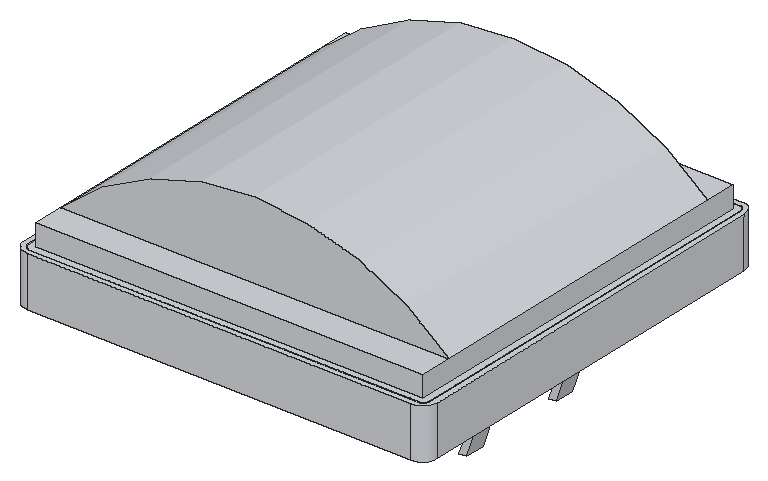
Revit family "Gira_537301", category Electrical Fixtures, host Face, Revit 2017
Family settings
  Host = Face
  Maintain Annotation Orientation = Yes
  Round Connector Dimension = Use Diameter
  Part Type = Normal
  Cut with Voids When Loaded = No
  Shared = No
  Room Calculation Point = No
Parameters (values of type "S3000 Beweg.m.aufs. 1,10 m Standard System 55 Cremeweiß")
  Werkstoffgüte = "sonstige"
  Werkstoff = "sonstige"
  URL = "http://katalog.gira.de/de_DE/datenblatt.html?artikelnr=537301"
  Region = "DE"
  RAL-Nummer (ähnlich) = "1013 "
  Name = "S3000 Beweg.m.aufs. 1,10 m Standard System 55 Cremeweiß"
  Montagehöhe = "1,1 m"
  Montageart = "unter Putz"
  Manufacturer URL = "https://www.gira.de/"
  Keynote = "Bewegungsmelder_1,10m"
  HeinzeBIM = "https://bimportal.heinze.de/bim/s3000-beweg-m-aufs-1-10-m-standard-system-55-cremeweiss/26d4d5a02e4f5e82d5c4e72b870cf16bca6f07e0"
  Halogenfrei = "Yes"
  HAN = "537301"
  Geeignet für Schutzart (IP) = "IP22"
  GTIN = "4010337049692"
  Farbe = "cremeweiß (elektroweiß)"
  Default Elevation = 1219.2 mm
  Data sheet (1) = "https://katalog.gira.de/de_DE/download.html?artikelnr=537301"
  Category = "Bewegungsmelder-Sensor"
  Available = "Yes"
  Ausführung = "Bewegungsmelder"
Reference planes
  plane 1 "Center (Front/Back)": y = 0
  plane 2: z = 0
  plane 3 "Center (Left/Right)": x = 0
Forms (mm)
  Extrusion 1, solid, detail levels fine
    sketch origin (0, 0, 0) x (1, 0, 0) y (0, 0, 1)
      loop
        line (-33.025, 12.126) -> (33.025, 12.126)
        arc (33.025, 12.126) -> (0, 25.3) -> (-33.025, 12.126) r 47.982
    from -27.6 to 27.6
  Extrusion 2, solid, detail levels fine
    sketch origin (0, 0, 0) x (1, 0, 0) y (0, 1, 0)
      loop
        line (33.025, 33.025) -> (-33.025, 33.025) -> (-33.025, -33.025) -> (33.025, -33.025) -> (33.025, 33.025)
    from 8.55 to 12.126
  Extrusion 3, solid, detail levels fine
    sketch origin (0, 0, 0) x (1, 0, 0) y (0, 1, 0)
      loop
        spline (-32.7, 35.2) -> (-33.027, 35.179) -> (-33.347, 35.115) -> (-33.657, 35.01) -> (-33.95, 34.865) -> (-34.222, 34.683) -> (-34.468, 34.468) -> (-34.683, 34.222) -> (-34.865, 33.95) -> (-35.01, 33.657) -> (-35.115, 33.347) -> (-35.179, 33.027) -> (-35.2, 32.7)
        line (-35.2, 32.7) -> (-35.2, -32.7)
        spline (-35.2, -32.7) -> (-35.179, -33.027) -> (-35.115, -33.347) -> (-35.01, -33.657) -> (-34.865, -33.95) -> (-34.683, -34.222) -> (-34.468, -34.468) -> (-34.222, -34.683) -> (-33.95, -34.865) -> (-33.657, -35.01) -> (-33.347, -35.115) -> (-33.027, -35.179) -> (-32.7, -35.2)
        line (-32.7, -35.2) -> (32.7, -35.2)
        spline (32.7, -35.2) -> (33.027, -35.179) -> (33.347, -35.115) -> (33.657, -35.01) -> (33.95, -34.865) -> (34.222, -34.683) -> (34.468, -34.468) -> (34.683, -34.222) -> (34.865, -33.95) -> (35.01, -33.657) -> (35.115, -33.347) -> (35.179, -33.027) -> (35.2, -32.7)
        line (35.2, -32.7) -> (35.2, 32.7)
        spline (35.2, 32.7) -> (35.179, 33.027) -> (35.115, 33.347) -> (35.01, 33.657) -> (34.865, 33.95) -> (34.683, 34.222) -> (34.468, 34.468) -> (34.222, 34.683) -> (33.95, 34.865) -> (33.657, 35.01) -> (33.347, 35.115) -> (33.027, 35.179) -> (32.7, 35.2)
        line (32.7, 35.2) -> (-32.7, 35.2)
      loop
        line (-34.2, 33.2) -> (-34.2, -33.2)
        spline (-34.2, -33.2) -> (-34.191, -33.331) -> (-34.166, -33.459) -> (-34.124, -33.583) -> (-34.066, -33.7) -> (-33.993, -33.809) -> (-33.907, -33.907) -> (-33.809, -33.993) -> (-33.7, -34.066) -> (-33.583, -34.124) -> (-33.459, -34.166) -> (-33.331, -34.191) -> (-33.2, -34.2)
        line (-33.2, -34.2) -> (33.2, -34.2)
        spline (33.2, -34.2) -> (33.331, -34.191) -> (33.459, -34.166) -> (33.583, -34.124) -> (33.7, -34.066) -> (33.809, -33.993) -> (33.907, -33.907) -> (33.993, -33.809) -> (34.066, -33.7) -> (34.124, -33.583) -> (34.166, -33.459) -> (34.191, -33.331) -> (34.2, -33.2)
        line (34.2, -33.2) -> (34.2, 33.2)
        spline (34.2, 33.2) -> (34.191, 33.331) -> (34.166, 33.459) -> (34.124, 33.583) -> (34.066, 33.7) -> (33.993, 33.809) -> (33.907, 33.907) -> (33.809, 33.993) -> (33.7, 34.066) -> (33.583, 34.124) -> (33.459, 34.166) -> (33.331, 34.191) -> (33.2, 34.2)
        line (33.2, 34.2) -> (-33.2, 34.2)
        spline (-33.2, 34.2) -> (-33.331, 34.191) -> (-33.459, 34.166) -> (-33.583, 34.124) -> (-33.7, 34.066) -> (-33.809, 33.993) -> (-33.907, 33.907) -> (-33.993, 33.809) -> (-34.066, 33.7) -> (-34.124, 33.583) -> (-34.166, 33.459) -> (-34.191, 33.331) -> (-34.2, 33.2)
    from 0 to 8.55
  Extrusion 4, solid, detail levels fine
    sketch origin (0, 0, 0) x (1, 0, 0) y (0, 1, 0)
      loop
        line (-34.2, 33.2) -> (-34.2, -33.2)
        spline (-34.2, -33.2) -> (-34.191, -33.331) -> (-34.166, -33.459) -> (-34.124, -33.583) -> (-34.066, -33.7) -> (-33.993, -33.809) -> (-33.907, -33.907) -> (-33.809, -33.993) -> (-33.7, -34.066) -> (-33.583, -34.124) -> (-33.459, -34.166) -> (-33.331, -34.191) -> (-33.2, -34.2)
        line (-33.2, -34.2) -> (33.2, -34.2)
        spline (33.2, -34.2) -> (33.331, -34.191) -> (33.459, -34.166) -> (33.583, -34.124) -> (33.7, -34.066) -> (33.809, -33.993) -> (33.907, -33.907) -> (33.993, -33.809) -> (34.066, -33.7) -> (34.124, -33.583) -> (34.166, -33.459) -> (34.191, -33.331) -> (34.2, -33.2)
        line (34.2, -33.2) -> (34.2, 33.2)
        spline (34.2, 33.2) -> (34.191, 33.331) -> (34.166, 33.459) -> (34.124, 33.583) -> (34.066, 33.7) -> (33.993, 33.809) -> (33.907, 33.907) -> (33.809, 33.993) -> (33.7, 34.066) -> (33.583, 34.124) -> (33.459, 34.166) -> (33.331, 34.191) -> (33.2, 34.2)
        line (33.2, 34.2) -> (-33.2, 34.2)
        spline (-33.2, 34.2) -> (-33.331, 34.191) -> (-33.459, 34.166) -> (-33.583, 34.124) -> (-33.7, 34.066) -> (-33.809, 33.993) -> (-33.907, 33.907) -> (-33.993, 33.809) -> (-34.066, 33.7) -> (-34.124, 33.583) -> (-34.166, 33.459) -> (-34.191, 33.331) -> (-34.2, 33.2)
    from 6.175 to 8.55
  Extrusion 5, solid, detail levels fine
    sketch origin (0, 0, 0) x (1, 0, 0) y (0, 1, 0)
      loop
        spline (-27.7, -27.1) -> (-27.696, -27.165) -> (-27.683, -27.229) -> (-27.662, -27.291) -> (-27.633, -27.35) -> (-27.597, -27.404) -> (-27.554, -27.454) -> (-27.504, -27.497) -> (-27.45, -27.533) -> (-27.391, -27.562) -> (-27.329, -27.583) -> (-27.265, -27.596) -> (-27.2, -27.6)
        line (-27.2, -27.6) -> (27.2, -27.6)
        spline (27.2, -27.6) -> (27.265, -27.596) -> (27.329, -27.583) -> (27.391, -27.562) -> (27.45, -27.533) -> (27.504, -27.497) -> (27.554, -27.454) -> (27.597, -27.404) -> (27.633, -27.35) -> (27.662, -27.291) -> (27.683, -27.229) -> (27.696, -27.165) -> (27.7, -27.1)
        line (27.7, -27.1) -> (27.7, 27.1)
        spline (27.7, 27.1) -> (27.696, 27.165) -> (27.683, 27.229) -> (27.662, 27.291) -> (27.633, 27.35) -> (27.597, 27.404) -> (27.554, 27.454) -> (27.504, 27.497) -> (27.45, 27.533) -> (27.391, 27.562) -> (27.329, 27.583) -> (27.265, 27.596) -> (27.2, 27.6)
        line (27.2, 27.6) -> (-27.2, 27.6)
        spline (-27.2, 27.6) -> (-27.265, 27.596) -> (-27.329, 27.583) -> (-27.391, 27.562) -> (-27.45, 27.533) -> (-27.504, 27.497) -> (-27.554, 27.454) -> (-27.597, 27.404) -> (-27.633, 27.35) -> (-27.662, 27.291) -> (-27.683, 27.229) -> (-27.696, 27.165) -> (-27.7, 27.1)
        line (-27.7, 27.1) -> (-27.7, -27.1)
      loop
        line (26.9, 26.8) -> (-26.9, 26.8) -> (-26.9, -26.8) -> (26.9, -26.8) -> (26.9, 26.8)
    from 0 to 6.175
  Extrusion 6, solid, detail levels fine
    sketch origin (0, 0, 0) x (1, 0, 0) y (0, 1, 0)
      loop
        line (-15.4, -23.928) -> (15.4, -23.928)
        arc (15.4, -23.928) -> (21.43, -21.43) -> (23.928, -15.4) r 8.528
        line (23.928, -15.4) -> (23.928, 15.4)
        arc (23.928, 15.4) -> (21.43, 21.43) -> (15.4, 23.928) r 8.528
        line (15.4, 23.928) -> (-15.4, 23.928)
        arc (-15.4, 23.928) -> (-21.43, 21.43) -> (-23.928, 15.4) r 8.528
        line (-23.928, 15.4) -> (-23.928, -15.4)
        arc (-23.928, -15.4) -> (-21.43, -21.43) -> (-15.4, -23.928) r 8.528
    from -0.985 to 1.6
  Extrusion 7, solid, detail levels fine
    sketch origin (0, 0, 0) x (1, 0, 0) y (0, 1, 0)
      loop
        line (-26.35, 18.301) -> (-26.35, -18.801)
        spline (-26.35, -18.801) -> (-26.286, -19.78) -> (-26.095, -20.742) -> (-25.779, -21.671) -> (-25.345, -22.551) -> (-24.8, -23.366) -> (-24.154, -24.104) -> (-23.416, -24.75) -> (-22.601, -25.295) -> (-21.721, -25.729) -> (-20.792, -26.045) -> (-19.83, -26.236) -> (-18.851, -26.3)
        line (-18.851, -26.3) -> (18.851, -26.3)
        spline (18.851, -26.3) -> (19.83, -26.236) -> (20.792, -26.045) -> (21.721, -25.729) -> (22.601, -25.295) -> (23.416, -24.75) -> (24.154, -24.104) -> (24.8, -23.366) -> (25.345, -22.551) -> (25.779, -21.671) -> (26.094, -20.742) -> (26.286, -19.78) -> (26.35, -18.801)
        line (26.35, -18.801) -> (26.35, 18.301)
        spline (26.35, 18.301) -> (26.286, 19.28) -> (26.094, 20.242) -> (25.779, 21.171) -> (25.345, 22.051) -> (24.8, 22.866) -> (24.154, 23.604) -> (23.416, 24.25) -> (22.601, 24.795) -> (21.721, 25.229) -> (20.792, 25.545) -> (19.83, 25.736) -> (18.851, 25.8)
        line (18.851, 25.8) -> (-18.851, 25.8)
        spline (-18.851, 25.8) -> (-19.83, 25.736) -> (-20.792, 25.545) -> (-21.721, 25.229) -> (-22.601, 24.795) -> (-23.416, 24.25) -> (-24.154, 23.604) -> (-24.8, 22.866) -> (-25.345, 22.051) -> (-25.779, 21.171) -> (-26.095, 20.242) -> (-26.286, 19.28) -> (-26.35, 18.301)
    from 1.6 to 6.1
  Extrusion 8, solid, detail levels fine
    sketch origin (0, 0, 0) x (1, 0, 0) y (0, 0, 1)
      loop
        line (-23.048, -13.343) -> (-21.665, -13.513) -> (-24.338, -6.363) -> (-23.36, 1.6) -> (-25.023, 1.6) -> (-24.975, -1.121) -> (-25.39, -6.541) -> (-23.048, -13.343)
      loop
        line (23.048, -13.343) -> (25.39, -6.541) -> (24.975, -1.121) -> (25.023, 1.6) -> (23.36, 1.6) -> (24.338, -6.363) -> (21.665, -13.513) -> (23.048, -13.343)
    from 7.9 to 11.14
  Extrusion 9, solid, detail levels fine
    sketch origin (0, 0, 0) x (1, 0, 0) y (0, 0, -1)
      loop
        line (-23.048, 13.343) -> (-25.39, 6.541) -> (-24.975, 1.121) -> (-25.023, -1.6) -> (-23.36, -1.6) -> (-24.338, 6.363) -> (-21.665, 13.513) -> (-23.048, 13.343)
      loop
        line (23.048, 13.343) -> (21.665, 13.513) -> (24.338, 6.363) -> (23.36, -1.6) -> (25.023, -1.6) -> (24.975, 1.121) -> (25.39, 6.541) -> (23.048, 13.343)
    from 7.9 to 11.14
  Extrusion 10, solid, detail levels fine
    sketch origin (0, 0, 0) x (1, 0, 0) y (0, 1, 0)
      loop
        line (-5.141, 20.681) -> (-5.141, 15.099)
        spline (-5.141, 15.099) -> (-5.133, 14.968) -> (-5.107, 14.84) -> (-5.065, 14.716) -> (-5.007, 14.599) -> (-4.935, 14.49) -> (-4.849, 14.391) -> (-4.75, 14.305) -> (-4.641, 14.233) -> (-4.524, 14.175) -> (-4.4, 14.133) -> (-4.272, 14.107) -> (-4.141, 14.099)
        line (-4.141, 14.099) -> (4.141, 14.099)
        spline (4.141, 14.099) -> (4.272, 14.107) -> (4.4, 14.133) -> (4.524, 14.175) -> (4.641, 14.233) -> (4.75, 14.305) -> (4.849, 14.391) -> (4.935, 14.49) -> (5.007, 14.599) -> (5.065, 14.716) -> (5.107, 14.84) -> (5.133, 14.968) -> (5.141, 15.099)
        line (5.141, 15.099) -> (5.141, 20.681)
        spline (5.141, 20.681) -> (5.133, 20.812) -> (5.107, 20.94) -> (5.065, 21.064) -> (5.007, 21.181) -> (4.935, 21.29) -> (4.849, 21.389) -> (4.75, 21.475) -> (4.641, 21.547) -> (4.524, 21.605) -> (4.4, 21.647) -> (4.272, 21.673) -> (4.141, 21.681)
        line (4.141, 21.681) -> (-4.141, 21.681)
        spline (-4.141, 21.681) -> (-4.272, 21.673) -> (-4.4, 21.647) -> (-4.524, 21.605) -> (-4.641, 21.547) -> (-4.75, 21.475) -> (-4.849, 21.389) -> (-4.935, 21.29) -> (-5.007, 21.181) -> (-5.065, 21.064) -> (-5.107, 20.94) -> (-5.133, 20.812) -> (-5.141, 20.681)
    from -17.3 to -0.985
  Extrusion 11, solid, detail levels medium
    sketch origin (0, 0, 0) x (1, 0, 0) y (0, 1, 0)
      loop
        line (33.025, 33.025) -> (-33.025, 33.025) -> (-33.025, -33.025) -> (33.025, -33.025) -> (33.025, 33.025)
    from 8.55 to 25.3
  Extrusion 12, solid, detail levels medium
    sketch origin (0, 0, 0) x (1, 0, 0) y (0, 1, 0)
      loop
        line (-35.2, 35.2) -> (-35.2, -35.2) -> (35.2, -35.2) -> (35.2, 35.2) -> (-35.2, 35.2)
    from 0 to 8.55
  Extrusion 13, solid, detail levels medium
    sketch origin (0, 0, 0) x (1, 0, 0) y (0, 0, 1)
      loop
        line (-25.023, 1.6) -> (-25.023, -13.1) -> (-21.665, -13.513) -> (-21.665, 1.6) -> (-25.023, 1.6)
      loop
        line (25.023, 1.6) -> (21.665, 1.6) -> (21.665, -13.513) -> (25.023, -13.1) -> (25.023, 1.6)
    from 8 to 11.14
  Extrusion 14, solid, detail levels medium
    sketch origin (0, 0, 0) x (1, 0, 0) y (0, 0, -1)
      loop
        line (-25.023, -1.6) -> (-21.665, -1.6) -> (-21.665, 13.513) -> (-25.023, 13.1) -> (-25.023, -1.6)
      loop
        line (25.023, -1.6) -> (25.023, 13.1) -> (21.665, 13.513) -> (21.665, -1.6) -> (25.023, -1.6)
    from 8 to 11.14
  Extrusion 15, solid, detail levels medium
    sketch origin (0, 0, 0) x (1, 0, 0) y (0, 1, 0)
      loop
        line (-5.141, 21.681) -> (-5.141, 14.099) -> (5.141, 14.099) -> (5.141, 21.681) -> (-5.141, 21.681)
    from -17.3 to -0.985
  Extrusion 16, solid, detail levels coarse
    sketch origin (0, 0, 0) x (1, 0, 0) y (0, 1, 0)
      loop
        line (-35.2, 35.2) -> (-35.2, -35.2) -> (35.2, -35.2) -> (35.2, 35.2) -> (-35.2, 35.2)
    from -17.3 to 25.3
Dimensions and locks
  aligned and locked: plane 2 to host face
  aligned and locked: level to host face
  aligned and locked: nested 1 to plane 3 "Center (Left/Right)"
  aligned and locked: plane 1 "Center (Front/Back)" to nested 1
Nested families
  nested 1: "Belegungssensor - Bewegung - Aufputz - Beschriftung" at (0, 0, 0) x (0, -1, 0) z (0, 0, 1), type "Belegungssensor - Bewegung - Aufputz - Beschriftung"
Connectors
  electrical at (0, 0, -17.3)
    settings: on Extrusion 16, index 1, voltage 220 V, apparent load 0 VA, apparent load phase1 0 VA, apparent load phase2 0 VA, apparent load phase3 0 VA, power factor 1, load classification "Other", number of poles 1, system type 30, power factor state 1, is connector primary yes, connector utility no, sub classification motor no, connector description ""
Definition of nested family "Belegungssensor - Bewegung - Aufputz - Beschriftung"
  Reference planes
    plane 1: y = 0
    plane 2: x = 0
  Lines and regions (mm)
    Filled region 1, type "Gefüllter Bereich 1"
      outline origin (143.425, -20.712, 0) x (1, 0, 0) y (0, 1, 0)
        loop
          line (-148.697, 21.204) -> (-148.697, 20.409) -> (-147.583, 20.807) -> (-148.697, 21.204)
    Filled region 2, type "Gefüllter Bereich 1"
      outline origin (141.808, 30.001, 0) x (0.939693, 0.34202, 0) y (-0.34202, 0.939693, 0)
        loop
          line (-148.694, 21.203) -> (-148.694, 20.41) -> (-147.583, 20.807) -> (-148.694, 21.203)
    Filled region 3, type "Gefüllter Bereich 1"
      outline origin (141.819, -29.825, 0) x (-0.34202, -0.939693, 0) y (0.939693, -0.34202, 0)
        loop
          line (21.204, -148.697) -> (20.807, -147.583) -> (20.409, -148.697) -> (21.204, -148.697)
    detail lines
      curve 1: line (-1.207, 0.095, 0) -> (-3.486, 1.411, 0)
      curve 2: line (-1.207, 0.095, 0) -> (-3.486, -1.221, 0)
      curve 5: arc (-3.252, 1.752, 0) -> (-3.839, 0.095, 0) -> (-3.252, -1.562, 0) r 2.632
      curve 6: line (-6, 3, 0) -> (0, 3, 0)
      curve 7: line (-6, -3, 0) -> (-6, 3, 0)
      curve 8: line (0, -3, 0) -> (-6, -3, 0)
      curve 9: line (0, 3, 0) -> (0, -3, 0)
    reference lines
      curve 3: line (-1.207, 0.095, 0) -> (-3.616, 2.046, 0)
      curve 4: line (-1.207, 0.095, 0) -> (-3.616, -1.856, 0)
  Dimensions and locks
    curve 1 to curve 1 = 2.632 mm
    curve 2 to curve 2 = 2.632 mm
    curve 6 to curve 8 = 6 mm
    curve 7 to curve 9 = 6 mm
    angle curve 1 to curve 2 = 60.00°
    aligned and locked: curve 6 to curve 7
    aligned and locked: curve 9 to curve 9
